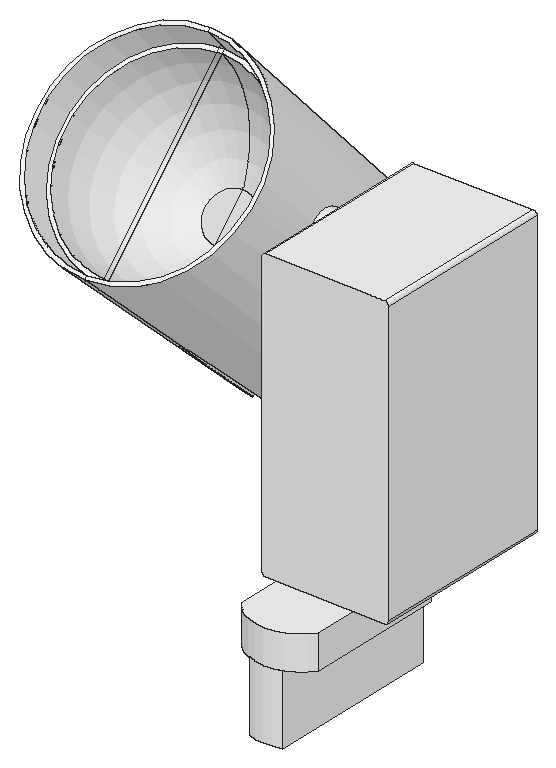
Revit family "0004823 Feilo Sylvania Lighting Fixture START TRACK SPOT S 14W 4K RA80 NB WHITE", category Lighting Fixtures, host Face, Revit 2017
Family settings
  Host = Face
  Round Connector Dimension = Use Diameter
  Part Type = Normal
  OmniClass Number = 23.80.70.00
  OmniClass Title = Lighting
  Cut with Voids When Loaded = No
  Light Source = No
  Shared = No
  Room Calculation Point = No
Parameters (values of type "0004823 START TRACK SPOT S 14W 4K RA80 NB WHITE")
  Weight = "0.94 kg"
  Wattage Comments = ""
  WarrantyStartDate [instance] = "n/a"
  WarrantyGuarantorParts = "n/a"
  WarrantyDurationUnit = "n/a"
  WarrantyDurationParts = "n/a"
  WarrantyDescription = "n/a"
  Voltage = 230 V
  URL = "http://www.sylvania-lighting.com"
  TypeName = "START TRACK SPOT S 14W 4K RA80 NB WHITE"
  TypeHead_FEILO = Start Track Spot Head : 0004823 START TRACK SPOT S 14W 4K RA80 NB WHITE
  TypeBox_FEILO = Start Track Spot Box : Type Small White
  Type Image = <None>
  Type Comments = "n/a"
  VerticalRotation_FEILO [instance] = 0.00°
  SlideEndAngle_FEILO [instance] = VerticalRotation_FEILO + 180.00°  # 180.00°
  SerialNumber [instance] = "n/a"
  Material_3_FEILO = none
  PowerFactor = 0.92
  PowerConsumption = "14 W"
  NominalLength = 0 mm
  NominalHeight = 200 mm
  NominalDepth = 140 mm
  Name = "START TRACK SPOT S 14W 4K RA80 NB WHITE"
  ModelReference = Name  # "START TRACK SPOT S 14W 4K RA80 NB WHITE"
  ModelNumber = "0004823"
  Model = Name  # "START TRACK SPOT S 14W 4K RA80 NB WHITE"
  Material = "adc12 aluminium housing, polycarbonate diffuser"
  ManufacturerName = "Feilo Sylvania"
  Manufacturer = "Feilo Sylvania"
  LuminousEfficacy = "115 lm/W"
  LuminaireType = ""
  LightOutputRatio = "100"
  LampsType = Lamp  # "LED"
  LampNominalLuminous = "1608 lm"
  LampMacAdamStep = "3"
  LampColourTemperature = "4000 K"
  LampColourRenderingIndex = "80"
  Lamp = "LED"
  Keynote = "16500"
  InstallationDate [instance] = "n/a"
  InputVoltage = "230-240V~"
  InputNominalFrequency = "50/60 Hz"
  IngressProtection = "IP20"
  ImpactProtectionIndex = "IK02"
  IfcExportType = "IfcLightFixtureType"
  IfcExportAs = "IfcLightFixtureType"
  HorizontalRotation_FEILO [instance] = 45.00°
  ExpectedLife = 50000
  ElectricShockClassification = "Class II"
  DurationUnit = "hours"
  DocumentationLiterature = "http://www.sylvania-lighting.com/product/en-int/products/0004823"
  DimmingControlOptions = "Non dimmable"
  Material_2_FEILO = none
  Description = "Integrated LED spotlight, Textured White - RAL9016, compact and minimalist design, ideal for retail applications, die-cast aluminium body, passive cooling heatsink. Beam angle: 12°, color temperature: 4000K , total system power: 14W, total fixture output: 1608 lm, LOR: 100%, colour rendering: Ra: 80 typical, LED Chromaticity: 3 step MacAdam ellipse, lifetime: >50000 hours at L70B50, energy class: A++, A+, A, IR/UV free light source without heat radiation, operating voltage: 220-240V / 50-60Hz, drive current: 350mA, electronic driver, non-dimmable, power factor: 0.92, electrical protection: Class II, Global Track 3 Phase adapter suitable for Global trac 3-circuit tracks, ingress protection rating: IP20, suitable for internal environment only, horizontal rotation: 355°, vertical tilt: 90°, dimensions: Ø86x140x200, weight: 0.940kg."
  Default Elevation = 1219.2 mm
  CreatedOn = "12/12/2017"
  CreatedBy = ""
  Cost = 0
  built-in parameter 1114216 [instance] = (empty or 0)
  ClassificationValue = "EF_70_80"
  ClassificationName = "Uniclass2015"
  Material_1_FEILO = Body-Sylvania-StartTrackSpot-White
  BarCode [instance] = "n/a"
  AssetType = "Fixed"
  AssetIdentifier [instance] = "n/a"
  Assembly Code = "D5020200"
  Apparent Load = 14 VA
  Material_4_FEILO = none
Reference planes
  plane 1 "Center (Front/Back)": y = 0
  plane 2: z = 0
  plane 3 "Center (Left/Right)": x = 0
  plane 4: x = 15
  plane 5: x = -15
  plane 6: y = 35
  plane 7: y = -35
  plane 8: z = 13
  plane 9: z = -27
  plane 10: x = 6.5
  plane 11: x = -6.5
  plane 12: y = 27
  plane 13: y = -27
  plane 14: y = 20
Forms (mm)
  Extrusion 1, solid, material "Body-Sylvania-StartTrackSpot-White" <- "Material_1_FEILO"
    sketch origin (0, 0, 0) x (1, 0, 0) y (0, 1, 0)
      loop
        line (-15, 27) -> (-15, -27)
        arc (-15, -27) -> (0, -35) -> (15, -27) r 18.062
        line (15, -27) -> (15, 27)
        arc (15, 27) -> (0, 35) -> (-15, 27) r 18.062
    from 0 to 13
  Extrusion 2, solid, material "Body-Sylvania-StartTrackSpot-White" <- "Material_1_FEILO"
    sketch origin (0, 0, 0) x (1, 0, 0) y (0, 1, 0)
      loop
        arc (6.5, 33.79) -> (0, 35) -> (-6.5, 33.79) r 18.062
        line (-6.5, 33.79) -> (-6.5, -33.79)
        arc (-6.5, -33.79) -> (0, -35) -> (6.5, -33.79) r 18.062
        line (6.5, -33.79) -> (6.5, 33.79)
    from 0 to -27
  Revolve 3, solid, not visible
    sketch origin (1524, 20, 1219.2) x (1, 0, 0) y (0, 0, 1)
      loop
        line (-1524, -1206.2) -> (-1524, -1191.285) -> (-1530.5, -1191.285) -> (-1530.5, -1206.2) -> (-1524, -1206.2)
      axis (-1524, -1191.285) -> (-1524, -1206.2)
    angle from 0 <- "VerticalRotation_FEILO" to 180 <- "SlideEndAngle_FEILO"
Cuts and joins
  joined: Extrusion 1, Extrusion 2
Dimensions and locks
  equal spacing: plane 10, plane 3 "Center (Left/Right)", plane 11
  equal spacing: plane 4, plane 3 "Center (Left/Right)", plane 5
  locked: plane 8 to plane 2 at 13
  locked: plane 8 to plane 9 at 40
  equal spacing: plane 13, plane 1 "Center (Front/Back)", plane 12
  locked: plane 12 to plane 6 at 8
  locked: plane 14 to plane 6 at 15
  locked: Revolve 3 sketch curve to plane 8 at 14.915
  aligned and locked: plane 2 to host face
  aligned and locked: level to host face
  aligned and locked: plane 5 to Extrusion 1 sketch curve  (x2)
  aligned and locked: plane 12 to Extrusion 1 sketch curve
  aligned and locked: plane 13 to Extrusion 1 sketch curve
  aligned and locked: plane 4 to Extrusion 1 sketch curve
  aligned and locked: Extrusion 1 to plane 8
  aligned and locked: Extrusion 1 to level
  aligned and locked: Extrusion 2 sketch curve to Extrusion 1  (x2)
  aligned and locked: Extrusion 2 sketch curve to plane 11
  aligned and locked: plane 10 to Extrusion 2 sketch curve
  aligned and locked: plane 9 to Extrusion 2
  aligned and locked: level to Extrusion 2
  aligned and locked: Revolve 3 sketch curve to plane 3 "Center (Left/Right)"  (x2)
  aligned and locked: plane 11 to Revolve 3 sketch curve
  aligned and locked: Revolve 3 sketch curve to plane 8
Automatic sketch dimensions
  host sketch curve to host sketch curve = 2438.4 mm  (x2)
  Extrusion 1 sketch curve to plane 3 "Center (Left/Right)" = 0 mm  (x2)
  Extrusion 1 sketch curve to plane 13 = 10.062 mm
  plane 12 to Extrusion 1 sketch curve = 10.062 mm
  Revolve 3 sketch curve to plane 3 "Center (Left/Right)" = 0 mm
  plane 9 to Revolve 3 sketch curve = 582.6 mm
  Revolve 3 sketch curve to Revolve 3 sketch curve = 2581.144 mm
Nested families
  nested 1: "Start Track Spot Head" at (-62, 20, 112.529) x (0, 0.7071, 0.7071) z (0, 0.7071, -0.7071), type <- "TypeHead_FEILO", type "0004823 START TRACK SPOT S 14W 4K RA80 NB WHITE"
    with built-in parameter 1114216 (empty or 0)
  nested 2: "Start Track Spot Box" at (8.5, 20, 73) x (-1, 0, 0) z (0, -1, 0), BoxStartAngle_FEILO <- "HorizontalRotation_FEILO", type <- "TypeBox_FEILO", type "Type Small White"
    with BoxStartAngle_FEILO 45.00°, BoxEndAngle_FEILO -135.00°
Connectors
  electrical at (0, 0, 0), driven by "Apparent Load", driven by "PowerFactor", driven by "Voltage"
    settings: index 1, voltage 230 V, apparent load 14 VA, apparent load phase1 0 VA, apparent load phase2 0 VA, apparent load phase3 0 VA, power factor 0.92, load classification "Lighting", number of poles 1, system type 30, power factor state 1, is connector primary yes, connector utility no, sub classification motor no, connector description ""
Definition of nested family "Start Track Spot Head"
  Parameters (values of type "0004811 START TRACK SPOT S 14W 3K RA80 NB WHITE")
    Wattage Comments = "n/a"
    Wattage = 14 W
    built-in parameter 1150110 = 1 (stored number, unit not read)
    URL = "http://www.feilosylvania.com"
    Type Image = (empty or 0)
    Type Comments = "n/a"
    built-in parameter 1114217 = 1 (stored number, unit not read)
    Tilt Angle = -90.00°
    built-in parameter 1150109 = 1 (stored number, unit not read)
    built-in parameter 1150134 = (empty or 0)
    built-in parameter 1150113 = 1 (stored number, unit not read)
    Photometric Web File = "0004811.ies"
    Material_3_FEILO = none
    Model = "START TRACK SPOT S 14W 3K RA80 NB WHITE"
    Manufacturer = "Feilo Sylvania"
    built-in parameter 1150105 = 123.66 (stored number, unit not read)
    Lumens = 1554 lm
    built-in parameter 1150115 = 1 (stored number, unit not read)
    built-in parameter 1150137 = (empty or 0)
    built-in parameter 1150139 = (empty or 0)
    built-in parameter 1150112 = 1 (stored number, unit not read)
    built-in parameter 1150114 = 1 (stored number, unit not read)
    Lamp = "LED"
    Keynote = "16500"
    Material_2_FEILO = none
    built-in parameter 1150132 = (empty or 0)
    built-in parameter 1150102 = (empty or 0)
    built-in parameter 1150107 = 3000 (stored number, unit not read)
    built-in parameter 1150138 = (empty or 0)
    built-in parameter 1150106 = 1.2366 (stored number, unit not read)
    HeadThickness_FEILO = if(HeadDiaOut_FEILO > 112 mm, 2 mm, 1.5 mm)  # 1.5 mm
    HeadRibOffset_FEILO = HeadHeight_FEILO / 28  # 4.179 mm
    HeadRibDepth_FEILO = HeadHeight_FEILO / 2.1  # 55.714 mm
    HeadRibCutWidth_FEILO = HeadDiaOut_FEILO / 12  # 7.167 mm
    HeadRibCutOffset_FEILO = HeadHeight_FEILO / 2.3  # 50.87 mm
    HeadReflectorRadius_FEILO = HeadDiaOut_FEILO / 1.7  # 50.588 mm
    HeadReflectorOffset_FEILO = HeadHeight_FEILO / 2.1  # 55.714 mm
    HeadLEDRadius_FEILO = HeadDiaOut_FEILO / 9  # 9.556 mm
    HeadHeight_FEILO = 117 mm
    HeadDraft_FEILO = 1 mm
    HeadDiffusorThickness_FEILO = 3 mm
    HeadDiffusorOffset_FEILO = HeadHeight_FEILO / 12.4  # 9.435 mm
    HeadDiaOut_FEILO = 86 mm
    HeadDiaIn_FEILO = HeadDiaOut_FEILO / 1.11  # 77.477 mm
    HeadAxisFromTop_FEILO = HeadHeight_FEILO / 1.687  # 69.354 mm
    Emit from Circle Diameter = HeadDiaIn_FEILO  # 77.477 mm
    Emit Shape Visible in Rendering = no
    built-in parameter 1150104 = 10.312 (stored number, unit not read)
    Dimming Lamp Color Temperature Shift = (empty or 0)
    Description = "Integrated LED spotlight, Textured White - RAL9016, compact and minimalist design, ideal for retail applications, die-cast aluminium body, passive cooling heatsink. Beam angle: 12°, color temperature: 3000K , total system power: 14W, total fixture output: 1551 lm, LOR: 100%, colour rendering: Ra: 80 typical, LED Chromaticity: 3 step MacAdam ellipse, lifetime: >50000 hours at L70B50, energy class: A++, A+, A, IR/UV free light source without heat radiation, operating voltage: 220-240V / 50-60Hz, drive current: 350mA, electronic driver, non-dimmable, power factor: 0.92, electrical protection: Class II, Global Track 3 Phase adapter suitable for Global trac 3-circuit tracks, ingress protection rating: IP20, suitable for internal environment only, horizontal rotation: 355°, vertical tilt: 90°, dimensions: Ø86x140x200, weight: 0.940kg."
    Default Elevation = 1219.2 mm
    Cost = 0
    Color Filter = 16777215
    built-in parameter 1114216 [instance] = (empty or 0)
    Material_1_FEILO = none
    built-in parameter 1114218 = 1 (stored number, unit not read)
    built-in parameter 1150133 = 10 (stored number, unit not read)
    Assembly Code = "D5020200"
    Apparent Load = 14 VA
    Material_4_FEILO = none
  Types (96, lengths in mm): name | Wattage | built-in parameter 1150134 | Photometric Web File | Model | built-in parameter 1150105 | Lumens | built-in parameter 1150107 | built-in parameter 1150106 | HeadThickness_FEILO | HeadRibOffset_FEILO | HeadRibDepth_FEILO | HeadRibCutWidth_FEILO | HeadRibCutOffset_FEILO | HeadReflectorRadius_FEILO | HeadReflectorOffset_FEILO | HeadLEDRadius_FEILO | HeadHeight_FEILO | HeadDiffusorOffset_FEILO | HeadDiaOut_FEILO | HeadDiaIn_FEILO | HeadAxisFromTop_FEILO | Emit from Circle Diameter | built-in parameter 1150104 | Description | Apparent Load
    0004906 START TRACK SPOT L 55W 4K RA90 WB BLACK | 55 W | 12 | "0004906.ies" | "START TRACK SPOT L 55W 4K RA90 WB BLACK" | 385.15 (stored number, unit not read) | 4840 lm | 4000 (stored number, unit not read) | 3.8515 (stored number, unit not read) | 2 | 4.429 | 59.048 | 9.417 | 53.913 | 66.471 | 59.048 | 12.556 | 124 | 10 | 113 | 101.802 | 73.503 | 101.802 | 8.1755 (stored number, unit not read) | "Integrated LED spotlight, Textured Black - RAL9005, compact and minimalist design, ideal for retail applications, die-cast aluminium body, passive cooling heatsink. Beam angle: 52°, color temperature: 4000K , total system power: 55W, total fixture output: 4824 lm, LOR: 100%, colour rendering: Ra: 90 typical, LED Chromaticity: 3 step MacAdam ellipse, lifetime: >50000 hours at L70B50, energy class: A++, A+, A, IR/UV free light source without heat radiation, operating voltage: 220-240V / 50-60Hz, drive current: 1400mA, electronic driver, non-dimmable, power factor: 0.96, electrical protection: Class II, Global Track 3 Phase adapter suitable for Global trac 3-circuit tracks, ingress protection rating: IP20, suitable for internal environment only, horizontal rotation: 355°, vertical tilt: 90°, dimensions: Ø113x164x240, weight: 1.398kg." | 55 VA
    0004905 START TRACK SPOT L 55W 4K RA90 MB BLACK | 55 W | 12 | "0004905.ies" | "START TRACK SPOT L 55W 4K RA90 MB BLACK" | 389.53 (stored number, unit not read) | 4895 lm | 4000 (stored number, unit not read) | 3.8953 (stored number, unit not read) | 2 | 4.429 | 59.048 | 9.417 | 53.913 | 66.471 | 59.048 | 12.556 | 124 | 10 | 113 | 101.802 | 73.503 | 101.802 | 8.2684 (stored number, unit not read) | "Integrated LED spotlight, Textured Black - RAL9005, compact and minimalist design, ideal for retail applications, die-cast aluminium body, passive cooling heatsink. Beam angle: 38°, color temperature: 4000K , total system power: 55W, total fixture output: 4897 lm, LOR: 100%, colour rendering: Ra: 90 typical, LED Chromaticity: 3 step MacAdam ellipse, lifetime: >50000 hours at L70B50, energy class: A++, A+, A, IR/UV free light source without heat radiation, operating voltage: 220-240V / 50-60Hz, drive current: 1400mA, electronic driver, non-dimmable, power factor: 0.96, electrical protection: Class II, Global Track 3 Phase adapter suitable for Global trac 3-circuit tracks, ingress protection rating: IP20, suitable for internal environment only, horizontal rotation: 355°, vertical tilt: 90°, dimensions: Ø113x164x240, weight: 1.398kg." | 55 VA
    0004904 START TRACK SPOT L 55W 4K RA90 NB BLACK | 55 W | 12 | "0004904.ies" | "START TRACK SPOT L 55W 4K RA90 NB BLACK" | 393.91 (stored number, unit not read) | 4950 lm | 4000 (stored number, unit not read) | 3.9391 (stored number, unit not read) | 2 | 4.429 | 59.048 | 9.417 | 53.913 | 66.471 | 59.048 | 12.556 | 124 | 10 | 113 | 101.802 | 73.503 | 101.802 | 8.3613 (stored number, unit not read) | "Integrated LED spotlight, Textured Black - RAL9005, compact and minimalist design, ideal for retail applications, die-cast aluminium body, passive cooling heatsink. Beam angle: 15°, color temperature: 4000K , total system power: 55W, total fixture output: 4965 lm, LOR: 100%, colour rendering: Ra: 90 typical, LED Chromaticity: 3 step MacAdam ellipse, lifetime: >50000 hours at L70B50, energy class: A++, A+, A, IR/UV free light source without heat radiation, operating voltage: 220-240V / 50-60Hz, drive current: 1400mA, electronic driver, non-dimmable, power factor: 0.96, electrical protection: Class II, Global Track 3 Phase adapter suitable for Global trac 3-circuit tracks, ingress protection rating: IP20, suitable for internal environment only, horizontal rotation: 355°, vertical tilt: 90°, dimensions: Ø113x164x240, weight: 1.398kg." | 55 VA
    0004903 START TRACK SPOT L 35W 4K RA90 WB BLACK | 35 W | 12 | "0004903.ies" | "START TRACK SPOT L 35W 4K RA90 WB BLACK" | 284.09 (stored number, unit not read) | 3570 lm | 4000 (stored number, unit not read) | 2.8409 (stored number, unit not read) | 2 | 4.429 | 59.048 | 9.417 | 53.913 | 66.471 | 59.048 | 12.556 | 124 | 10 | 113 | 101.802 | 73.503 | 101.802 | 9.4761 (stored number, unit not read) | "Integrated LED spotlight, Textured Black - RAL9005, compact and minimalist design, ideal for retail applications, die-cast aluminium body, passive cooling heatsink. Beam angle: 52°, color temperature: 4000K , total system power: 35W, total fixture output: 3562 lm, LOR: 100%, colour rendering: Ra: 90 typical, LED Chromaticity: 3 step MacAdam ellipse, lifetime: >50000 hours at L70B50, energy class: A++, A+, A, IR/UV free light source without heat radiation, operating voltage: 220-240V / 50-60Hz, drive current: 900mA, electronic driver, non-dimmable, power factor: 0.93, electrical protection: Class II, Global Track 3 Phase adapter suitable for Global trac 3-circuit tracks, ingress protection rating: IP20, suitable for internal environment only, horizontal rotation: 355°, vertical tilt: 90°, dimensions: Ø113x164x240, weight: 1.368kg." | 35 VA
    0004902 START TRACK SPOT L 35W 4K RA90 MB BLACK | 35 W | 12 | "0004902.ies" | "START TRACK SPOT L 35W 4K RA90 MB BLACK" | 286.88 (stored number, unit not read) | 3605 lm | 4000 (stored number, unit not read) | 2.8688 (stored number, unit not read) | 2 | 4.429 | 59.048 | 9.417 | 53.913 | 66.471 | 59.048 | 12.556 | 124 | 10 | 113 | 101.802 | 73.503 | 101.802 | 9.569 (stored number, unit not read) | "Integrated LED spotlight, Textured Black - RAL9005, compact and minimalist design, ideal for retail applications, die-cast aluminium body, passive cooling heatsink. Beam angle: 38°, color temperature: 4000K , total system power: 35W, total fixture output: 3616 lm, LOR: 100%, colour rendering: Ra: 90 typical, LED Chromaticity: 3 step MacAdam ellipse, lifetime: >50000 hours at L70B50, energy class: A++, A+, A, IR/UV free light source without heat radiation, operating voltage: 220-240V / 50-60Hz, drive current: 900mA, electronic driver, non-dimmable, power factor: 0.93, electrical protection: Class II, Global Track 3 Phase adapter suitable for Global trac 3-circuit tracks, ingress protection rating: IP20, suitable for internal environment only, horizontal rotation: 355°, vertical tilt: 90°, dimensions: Ø113x164x240, weight: 1.368kg." | 35 VA
    0004901 START TRACK SPOT L 35W 4K RA90 NB BLACK | 35 W | 12 | "0004901.ies" | "START TRACK SPOT L 35W 4K RA90 NB BLACK" | 286.88 (stored number, unit not read) | 3605 lm | 4000 (stored number, unit not read) | 2.8688 (stored number, unit not read) | 2 | 4.429 | 59.048 | 9.417 | 53.913 | 66.471 | 59.048 | 12.556 | 124 | 10 | 113 | 101.802 | 73.503 | 101.802 | 9.569 (stored number, unit not read) | "Integrated LED spotlight, Textured Black - RAL9005, compact and minimalist design, ideal for retail applications, die-cast aluminium body, passive cooling heatsink. Beam angle: 15°, color temperature: 4000K , total system power: 35W, total fixture output: 3593 lm, LOR: 100%, colour rendering: Ra: 90 typical, LED Chromaticity: 3 step MacAdam ellipse, lifetime: >50000 hours at L70B50, energy class: A++, A+, A, IR/UV free light source without heat radiation, operating voltage: 220-240V / 50-60Hz, drive current: 900mA, electronic driver, non-dimmable, power factor: 0.93, electrical protection: Class II, Global Track 3 Phase adapter suitable for Global trac 3-circuit tracks, ingress protection rating: IP20, suitable for internal environment only, horizontal rotation: 355°, vertical tilt: 90°, dimensions: Ø113x164x240, weight: 1.368kg." | 35 VA
    0004900 START TRACK SPOT S 24W 4K RA90 WB BLACK | 24 W | 12 | "0004900.ies" | "START TRACK SPOT S 24W 4K RA90 WB BLACK" | 166.16 (stored number, unit not read) | 2088 lm | 4000 (stored number, unit not read) | 1.6616 (stored number, unit not read) | 1.5 | 4.179 | 55.714 | 7.167 | 50.87 | 50.588 | 55.714 | 9.556 | 117 | 9.435 | 86 | 77.477 | 69.354 | 77.477 | 8.0826 (stored number, unit not read) | "Integrated LED spotlight, Textured Black - RAL9005, compact and minimalist design, ideal for retail applications, die-cast aluminium body, passive cooling heatsink. Beam angle: 64°, color temperature: 4000K , total system power: 24W, total fixture output: 2087 lm, LOR: 100%, colour rendering: Ra: 90 typical, LED Chromaticity: 3 step MacAdam ellipse, lifetime: >50000 hours at L70B50, energy class: A++, A+, A, IR/UV free light source without heat radiation, operating voltage: 220-240V / 50-60Hz, drive current: 600mA, electronic driver, non-dimmable, power factor: 0.95, electrical protection: Class II, Global Track 3 Phase adapter suitable for Global trac 3-circuit tracks, ingress protection rating: IP20, suitable for internal environment only, horizontal rotation: 355°, vertical tilt: 90°, dimensions: Ø86x140x200, weight: 0.966kg." | 24 VA
    0004899 START TRACK SPOT S 24W 4K RA90 MB BLACK | 24 W | 12 | "0004899.ies" | "START TRACK SPOT S 24W 4K RA90 MB BLACK" | 169.98 (stored number, unit not read) | 2136 lm | 4000 (stored number, unit not read) | 1.6998 (stored number, unit not read) | 1.5 | 4.179 | 55.714 | 7.167 | 50.87 | 50.588 | 55.714 | 9.556 | 117 | 9.435 | 86 | 77.477 | 69.354 | 77.477 | 8.2684 (stored number, unit not read) | "Integrated LED spotlight, Textured Black - RAL9005, compact and minimalist design, ideal for retail applications, die-cast aluminium body, passive cooling heatsink. Beam angle: 36°, color temperature: 4000K , total system power: 24W, total fixture output: 2141 lm, LOR: 100%, colour rendering: Ra: 90 typical, LED Chromaticity: 3 step MacAdam ellipse, lifetime: >50000 hours at L70B50, energy class: A++, A+, A, IR/UV free light source without heat radiation, operating voltage: 220-240V / 50-60Hz, drive current: 600mA, electronic driver, non-dimmable, power factor: 0.95, electrical protection: Class II, Global Track 3 Phase adapter suitable for Global trac 3-circuit tracks, ingress protection rating: IP20, suitable for internal environment only, horizontal rotation: 355°, vertical tilt: 90°, dimensions: Ø86x140x200, weight: 0.966kg." | 24 VA
    0004898 START TRACK SPOT S 24W 4K RA90 NB BLACK | 24 W | 12 | "0004898.ies" | "START TRACK SPOT S 24W 4K RA90 NB BLACK" | 171.89 (stored number, unit not read) | 2160 lm | 4000 (stored number, unit not read) | 1.7189 (stored number, unit not read) | 1.5 | 4.179 | 55.714 | 7.167 | 50.87 | 50.588 | 55.714 | 9.556 | 117 | 9.435 | 86 | 77.477 | 69.354 | 77.477 | 8.3613 (stored number, unit not read) | "Integrated LED spotlight, Textured Black - RAL9005, compact and minimalist design, ideal for retail applications, die-cast aluminium body, passive cooling heatsink. Beam angle: 12°, color temperature: 4000K , total system power: 24W, total fixture output: 2155 lm, LOR: 100%, colour rendering: Ra: 90 typical, LED Chromaticity: 3 step MacAdam ellipse, lifetime: >50000 hours at L70B50, energy class: A++, A+, A, IR/UV free light source without heat radiation, operating voltage: 220-240V / 50-60Hz, drive current: 600mA, electronic driver, non-dimmable, power factor: 0.95, electrical protection: Class II, Global Track 3 Phase adapter suitable for Global trac 3-circuit tracks, ingress protection rating: IP20, suitable for internal environment only, horizontal rotation: 355°, vertical tilt: 90°, dimensions: Ø86x140x200, weight: 0.966kg." | 24 VA
    0004897 START TRACK SPOT S 14W 4K RA90 WB BLACK | 14 W | 12 | "0004897.ies" | "START TRACK SPOT S 14W 4K RA90 WB BLACK" | 108.07 (stored number, unit not read) | 1358 lm | 4000 (stored number, unit not read) | 1.0807 (stored number, unit not read) | 1.5 | 4.179 | 55.714 | 7.167 | 50.87 | 50.588 | 55.714 | 9.556 | 117 | 9.435 | 86 | 77.477 | 69.354 | 77.477 | 9.0116 (stored number, unit not read) | "Integrated LED spotlight, Textured Black - RAL9005, compact and minimalist design, ideal for retail applications, die-cast aluminium body, passive cooling heatsink. Beam angle: 64°, color temperature: 4000K , total system power: 14W, total fixture output: 1352 lm, LOR: 100%, colour rendering: Ra: 90 typical, LED Chromaticity: 3 step MacAdam ellipse, lifetime: >50000 hours at L70B50, energy class: A++, A+, A, IR/UV free light source without heat radiation, operating voltage: 220-240V / 50-60Hz, drive current: 350mA, electronic driver, non-dimmable, power factor: 0.92, electrical protection: Class II, Global Track 3 Phase adapter suitable for Global trac 3-circuit tracks, ingress protection rating: IP20, suitable for internal environment only, horizontal rotation: 355°, vertical tilt: 90°, dimensions: Ø86x140x200, weight: 0.940kg." | 14 VA
    0004896 START TRACK SPOT S 14W 4K RA90 MB BLACK | 14 W | 12 | "0004896.ies" | "START TRACK SPOT S 14W 4K RA90 MB BLACK" | 108.07 (stored number, unit not read) | 1358 lm | 4000 (stored number, unit not read) | 1.0807 (stored number, unit not read) | 1.5 | 4.179 | 55.714 | 7.167 | 50.87 | 50.588 | 55.714 | 9.556 | 117 | 9.435 | 86 | 77.477 | 69.354 | 77.477 | 9.0116 (stored number, unit not read) | "Integrated LED spotlight, Textured Black - RAL9005, compact and minimalist design, ideal for retail applications, die-cast aluminium body, passive cooling heatsink. Beam angle: 36°, color temperature: 4000K , total system power: 14W, total fixture output: 1359 lm, LOR: 100%, colour rendering: Ra: 90 typical, LED Chromaticity: 3 step MacAdam ellipse, lifetime: >50000 hours at L70B50, energy class: A++, A+, A, IR/UV free light source without heat radiation, operating voltage: 220-240V / 50-60Hz, drive current: 350mA, electronic driver, non-dimmable, power factor: 0.92, electrical protection: Class II, Global Track 3 Phase adapter suitable for Global trac 3-circuit tracks, ingress protection rating: IP20, suitable for internal environment only, horizontal rotation: 355°, vertical tilt: 90°, dimensions: Ø86x140x200, weight: 0.940kg." | 14 VA
    0004895 START TRACK SPOT S 14W 4K RA90 NB BLACK | 14 W | 12 | "0004895.ies" | "START TRACK SPOT S 14W 4K RA90 NB BLACK" | 106.95 (stored number, unit not read) | 1344 lm | 4000 (stored number, unit not read) | 1.0695 (stored number, unit not read) | 1.5 | 4.179 | 55.714 | 7.167 | 50.87 | 50.588 | 55.714 | 9.556 | 117 | 9.435 | 86 | 77.477 | 69.354 | 77.477 | 8.9187 (stored number, unit not read) | "Integrated LED spotlight, Textured Black - RAL9005, compact and minimalist design, ideal for retail applications, die-cast aluminium body, passive cooling heatsink. Beam angle: 12°, color temperature: 4000K , total system power: 14W, total fixture output: 1349 lm, LOR: 100%, colour rendering: Ra: 90 typical, LED Chromaticity: 3 step MacAdam ellipse, lifetime: >50000 hours at L70B50, energy class: A++, A+, A, IR/UV free light source without heat radiation, operating voltage: 220-240V / 50-60Hz, drive current: 350mA, electronic driver, non-dimmable, power factor: 0.92, electrical protection: Class II, Global Track 3 Phase adapter suitable for Global trac 3-circuit tracks, ingress protection rating: IP20, suitable for internal environment only, horizontal rotation: 355°, vertical tilt: 90°, dimensions: Ø86x140x200, weight: 0.940kg." | 14 VA
    0004894 START TRACK SPOT L 55W 3K RA90 WB BLACK | 55 W | (empty or 0) | "0004894.ies" | "START TRACK SPOT L 55W 3K RA90 WB BLACK" | 350.14 (stored number, unit not read) | 4400 lm | 3000 (stored number, unit not read) | 3.5014 (stored number, unit not read) | 2 | 4.429 | 59.048 | 9.417 | 53.913 | 66.471 | 59.048 | 12.556 | 124 | 10 | 113 | 101.802 | 73.503 | 101.802 | 7.4322 (stored number, unit not read) | "Integrated LED spotlight, Textured Black - RAL9005, compact and minimalist design, ideal for retail applications, die-cast aluminium body, passive cooling heatsink. Beam angle: 52°, color temperature: 3000K , total system power: 55W, total fixture output: 4405 lm, LOR: 100%, colour rendering: Ra: 90 typical, LED Chromaticity: 3 step MacAdam ellipse, lifetime: >50000 hours at L70B50, energy class: A++, A+, A, IR/UV free light source without heat radiation, operating voltage: 220-240V / 50-60Hz, drive current: 1400mA, electronic driver, non-dimmable, power factor: 0.96, electrical protection: Class II, Global Track 3 Phase adapter suitable for Global trac 3-circuit tracks, ingress protection rating: IP20, suitable for internal environment only, horizontal rotation: 355°, vertical tilt: 90°, dimensions: Ø113x164x240, weight: 1.398kg." | 55 VA
    0004893 START TRACK SPOT L 55W 3K RA90 MB BLACK | 55 W | (empty or 0) | "0004893.ies" | "START TRACK SPOT L 55W 3K RA90 MB BLACK" | 354.52 (stored number, unit not read) | 4455 lm | 3000 (stored number, unit not read) | 3.5452 (stored number, unit not read) | 2 | 4.429 | 59.048 | 9.417 | 53.913 | 66.471 | 59.048 | 12.556 | 124 | 10 | 113 | 101.802 | 73.503 | 101.802 | 7.5251 (stored number, unit not read) | "Integrated LED spotlight, Textured Black - RAL9005, compact and minimalist design, ideal for retail applications, die-cast aluminium body, passive cooling heatsink. Beam angle: 38°, color temperature: 3000K , total system power: 55W, total fixture output: 4448 lm, LOR: 100%, colour rendering: Ra: 90 typical, LED Chromaticity: 3 step MacAdam ellipse, lifetime: >50000 hours at L70B50, energy class: A++, A+, A, IR/UV free light source without heat radiation, operating voltage: 220-240V / 50-60Hz, drive current: 1400mA, electronic driver, non-dimmable, power factor: 0.96, electrical protection: Class II, Global Track 3 Phase adapter suitable for Global trac 3-circuit tracks, ingress protection rating: IP20, suitable for internal environment only, horizontal rotation: 355°, vertical tilt: 90°, dimensions: Ø113x164x240, weight: 1.398kg." | 55 VA
    0004892 START TRACK SPOT L 55W 3K RA90 NB BLACK | 55 W | (empty or 0) | "0004892.ies" | "START TRACK SPOT L 55W 3K RA90 NB BLACK" | 350.14 (stored number, unit not read) | 4400 lm | 3000 (stored number, unit not read) | 3.5014 (stored number, unit not read) | 2 | 4.429 | 59.048 | 9.417 | 53.913 | 66.471 | 59.048 | 12.556 | 124 | 10 | 113 | 101.802 | 73.503 | 101.802 | 7.4322 (stored number, unit not read) | "Integrated LED spotlight, Textured Black - RAL9005, compact and minimalist design, ideal for retail applications, die-cast aluminium body, passive cooling heatsink. Beam angle: 15°, color temperature: 3000K , total system power: 55W, total fixture output: 4416 lm, LOR: 100%, colour rendering: Ra: 90 typical, LED Chromaticity: 3 step MacAdam ellipse, lifetime: >50000 hours at L70B50, energy class: A++, A+, A, IR/UV free light source without heat radiation, operating voltage: 220-240V / 50-60Hz, drive current: 1400mA, electronic driver, non-dimmable, power factor: 0.96, electrical protection: Class II, Global Track 3 Phase adapter suitable for Global trac 3-circuit tracks, ingress protection rating: IP20, suitable for internal environment only, horizontal rotation: 355°, vertical tilt: 90°, dimensions: Ø113x164x240, weight: 1.398kg." | 55 VA
    0004891 START TRACK SPOT L 35W 3K RA90 WB BLACK | 35 W | (empty or 0) | "0004891.ies" | "START TRACK SPOT L 35W 3K RA90 WB BLACK" | 259.02 (stored number, unit not read) | 3255 lm | 3000 (stored number, unit not read) | 2.5902 (stored number, unit not read) | 2 | 4.429 | 59.048 | 9.417 | 53.913 | 66.471 | 59.048 | 12.556 | 124 | 10 | 113 | 101.802 | 73.503 | 101.802 | 8.64 (stored number, unit not read) | "Integrated LED spotlight, Textured Black - RAL9005, compact and minimalist design, ideal for retail applications, die-cast aluminium body, passive cooling heatsink. Beam angle: 52°, color temperature: 3000K , total system power: 35W, total fixture output: 3260 lm, LOR: 100%, colour rendering: Ra: 90 typical, LED Chromaticity: 3 step MacAdam ellipse, lifetime: >50000 hours at L70B50, energy class: A++, A+, A, IR/UV free light source without heat radiation, operating voltage: 220-240V / 50-60Hz, drive current: 900mA, electronic driver, non-dimmable, power factor: 0.93, electrical protection: Class II, Global Track 3 Phase adapter suitable for Global trac 3-circuit tracks, ingress protection rating: IP20, suitable for internal environment only, horizontal rotation: 355°, vertical tilt: 90°, dimensions: Ø113x164x240, weight: 1.368kg." | 35 VA
    0004890 START TRACK SPOT L 35W 3K RA90 MB BLACK | 35 W | (empty or 0) | "0004890.ies" | "START TRACK SPOT L 35W 3K RA90 MB BLACK" | 261.81 (stored number, unit not read) | 3290 lm | 3000 (stored number, unit not read) | 2.6181 (stored number, unit not read) | 2 | 4.429 | 59.048 | 9.417 | 53.913 | 66.471 | 59.048 | 12.556 | 124 | 10 | 113 | 101.802 | 73.503 | 101.802 | 8.7329 (stored number, unit not read) | "Integrated LED spotlight, Textured Black - RAL9005, compact and minimalist design, ideal for retail applications, die-cast aluminium body, passive cooling heatsink. Beam angle: 38°, color temperature: 3000K , total system power: 35W, total fixture output: 3306 lm, LOR: 100%, colour rendering: Ra: 90 typical, LED Chromaticity: 3 step MacAdam ellipse, lifetime: >50000 hours at L70B50, energy class: A++, A+, A, IR/UV free light source without heat radiation, operating voltage: 220-240V / 50-60Hz, drive current: 900mA, electronic driver, non-dimmable, power factor: 0.93, electrical protection: Class II, Global Track 3 Phase adapter suitable for Global trac 3-circuit tracks, ingress protection rating: IP20, suitable for internal environment only, horizontal rotation: 355°, vertical tilt: 90°, dimensions: Ø113x164x240, weight: 1.368kg." | 35 VA
    0004889 START TRACK SPOT L 35W 3K RA90 NB BLACK | 35 W | (empty or 0) | "0004889.ies" | "START TRACK SPOT L 35W 3K RA90 NB BLACK" | 261.81 (stored number, unit not read) | 3290 lm | 3000 (stored number, unit not read) | 2.6181 (stored number, unit not read) | 2 | 4.429 | 59.048 | 9.417 | 53.913 | 66.471 | 59.048 | 12.556 | 124 | 10 | 113 | 101.802 | 73.503 | 101.802 | 8.7329 (stored number, unit not read) | "Integrated LED spotlight, Textured Black - RAL9005, compact and minimalist design, ideal for retail applications, die-cast aluminium body, passive cooling heatsink. Beam angle: 15°, color temperature: 3000K , total system power: 35W, total fixture output: 3287 lm, LOR: 100%, colour rendering: Ra: 90 typical, LED Chromaticity: 3 step MacAdam ellipse, lifetime: >50000 hours at L70B50, energy class: A++, A+, A, IR/UV free light source without heat radiation, operating voltage: 220-240V / 50-60Hz, drive current: 900mA, electronic driver, non-dimmable, power factor: 0.93, electrical protection: Class II, Global Track 3 Phase adapter suitable for Global trac 3-circuit tracks, ingress protection rating: IP20, suitable for internal environment only, horizontal rotation: 355°, vertical tilt: 90°, dimensions: Ø113x164x240, weight: 1.368kg." | 35 VA
    0004888 START TRACK SPOT S 24W 3K RA90 WB BLACK | 24 W | (empty or 0) | "0004888.ies" | "START TRACK SPOT S 24W 3K RA90 WB BLACK" | 152.79 (stored number, unit not read) | 1920 lm | 3000 (stored number, unit not read) | 1.5279 (stored number, unit not read) | 1.5 | 4.179 | 55.714 | 7.167 | 50.87 | 50.588 | 55.714 | 9.556 | 117 | 9.435 | 86 | 77.477 | 69.354 | 77.477 | 7.4322 (stored number, unit not read) | "Integrated LED spotlight, Textured Black - RAL9005, compact and minimalist design, ideal for retail applications, die-cast aluminium body, passive cooling heatsink. Beam angle: 64°, color temperature: 3000K , total system power: 24W, total fixture output: 1928 lm, LOR: 100%, colour rendering: Ra: 90 typical, LED Chromaticity: 3 step MacAdam ellipse, lifetime: >50000 hours at L70B50, energy class: A++, A+, A, IR/UV free light source without heat radiation, operating voltage: 220-240V / 50-60Hz, drive current: 600mA, electronic driver, non-dimmable, power factor: 0.95, electrical protection: Class II, Global Track 3 Phase adapter suitable for Global trac 3-circuit tracks, ingress protection rating: IP20, suitable for internal environment only, horizontal rotation: 355°, vertical tilt: 90°, dimensions: Ø86x140x200, weight: 0.966kg." | 24 VA
    0004887 START TRACK SPOT S 24W 3K RA90 MB BLACK | 24 W | (empty or 0) | "0004887.ies" | "START TRACK SPOT S 24W 3K RA90 MB BLACK" | 154.7 (stored number, unit not read) | 1944 lm | 3000 (stored number, unit not read) | 1.547 (stored number, unit not read) | 1.5 | 4.179 | 55.714 | 7.167 | 50.87 | 50.588 | 55.714 | 9.556 | 117 | 9.435 | 86 | 77.477 | 69.354 | 77.477 | 7.5251 (stored number, unit not read) | "Integrated LED spotlight, Textured Black - RAL9005, compact and minimalist design, ideal for retail applications, die-cast aluminium body, passive cooling heatsink. Beam angle: 36°, color temperature: 3000K , total system power: 24W, total fixture output: 1944 lm, LOR: 100%, colour rendering: Ra: 90 typical, LED Chromaticity: 3 step MacAdam ellipse, lifetime: >50000 hours at L70B50, energy class: A++, A+, A, IR/UV free light source without heat radiation, operating voltage: 220-240V / 50-60Hz, drive current: 600mA, electronic driver, non-dimmable, power factor: 0.95, electrical protection: Class II, Global Track 3 Phase adapter suitable for Global trac 3-circuit tracks, ingress protection rating: IP20, suitable for internal environment only, horizontal rotation: 355°, vertical tilt: 90°, dimensions: Ø86x140x200, weight: 0.966kg." | 24 VA
    0004886 START TRACK SPOT S 24W 3K RA90 NB BLACK | 24 W | (empty or 0) | "0004886.ies" | "START TRACK SPOT S 24W 3K RA90 NB BLACK" | 158.52 (stored number, unit not read) | 1992 lm | 3000 (stored number, unit not read) | 1.5852 (stored number, unit not read) | 1.5 | 4.179 | 55.714 | 7.167 | 50.87 | 50.588 | 55.714 | 9.556 | 117 | 9.435 | 86 | 77.477 | 69.354 | 77.477 | 7.711 (stored number, unit not read) | "Integrated LED spotlight, Textured Black - RAL9005, compact and minimalist design, ideal for retail applications, die-cast aluminium body, passive cooling heatsink. Beam angle: 12°, color temperature: 3000K , total system power: 24W, total fixture output: 1987 lm, LOR: 100%, colour rendering: Ra: 90 typical, LED Chromaticity: 3 step MacAdam ellipse, lifetime: >50000 hours at L70B50, energy class: A++, A+, A, IR/UV free light source without heat radiation, operating voltage: 220-240V / 50-60Hz, drive current: 600mA, electronic driver, non-dimmable, power factor: 0.95, electrical protection: Class II, Global Track 3 Phase adapter suitable for Global trac 3-circuit tracks, ingress protection rating: IP20, suitable for internal environment only, horizontal rotation: 355°, vertical tilt: 90°, dimensions: Ø86x140x200, weight: 0.966kg." | 24 VA
    0004885 START TRACK SPOT S 14W 3K RA90 WB BLACK | 14 W | (empty or 0) | "0004885.ies" | "START TRACK SPOT S 14W 3K RA90 WB BLACK" | 100.27 (stored number, unit not read) | 1260 lm | 3000 (stored number, unit not read) | 1.0027 (stored number, unit not read) | 1.5 | 4.179 | 55.714 | 7.167 | 50.87 | 50.588 | 55.714 | 9.556 | 117 | 9.435 | 86 | 77.477 | 69.354 | 77.477 | 8.3613 (stored number, unit not read) | "Integrated LED spotlight, Textured Black - RAL9005, compact and minimalist design, ideal for retail applications, die-cast aluminium body, passive cooling heatsink. Beam angle: 64°, color temperature: 3000K , total system power: 14W, total fixture output: 1262 lm, LOR: 100%, colour rendering: Ra: 90 typical, LED Chromaticity: 3 step MacAdam ellipse, lifetime: >50000 hours at L70B50, energy class: A++, A+, A, IR/UV free light source without heat radiation, operating voltage: 220-240V / 50-60Hz, drive current: 350mA, electronic driver, non-dimmable, power factor: 0.92, electrical protection: Class II, Global Track 3 Phase adapter suitable for Global trac 3-circuit tracks, ingress protection rating: IP20, suitable for internal environment only, horizontal rotation: 355°, vertical tilt: 90°, dimensions: Ø86x140x200, weight: 0.940kg." | 14 VA
    0004884 START TRACK SPOT S 14W 3K RA90 MB BLACK | 14 W | (empty or 0) | "0004884.ies" | "START TRACK SPOT S 14W 3K RA90 MB BLACK" | 100.27 (stored number, unit not read) | 1260 lm | 3000 (stored number, unit not read) | 1.0027 (stored number, unit not read) | 1.5 | 4.179 | 55.714 | 7.167 | 50.87 | 50.588 | 55.714 | 9.556 | 117 | 9.435 | 86 | 77.477 | 69.354 | 77.477 | 8.3613 (stored number, unit not read) | "Integrated LED spotlight, Textured Black - RAL9005, compact and minimalist design, ideal for retail applications, die-cast aluminium body, passive cooling heatsink. Beam angle: 36°, color temperature: 3000K , total system power: 14W, total fixture output: 1262 lm, LOR: 100%, colour rendering: Ra: 90 typical, LED Chromaticity: 3 step MacAdam ellipse, lifetime: >50000 hours at L70B50, energy class: A++, A+, A, IR/UV free light source without heat radiation, operating voltage: 220-240V / 50-60Hz, drive current: 350mA, electronic driver, non-dimmable, power factor: 0.92, electrical protection: Class II, Global Track 3 Phase adapter suitable for Global trac 3-circuit tracks, ingress protection rating: IP20, suitable for internal environment only, horizontal rotation: 355°, vertical tilt: 90°, dimensions: Ø86x140x200, weight: 0.940kg." | 14 VA
    0004883 START TRACK SPOT S 14W 3K RA90 NB BLACK | 14 W | (empty or 0) | "0004883.ies" | "START TRACK SPOT S 14W 3K RA90 NB BLACK" | 102.5 (stored number, unit not read) | 1288 lm | 3000 (stored number, unit not read) | 1.025 (stored number, unit not read) | 1.5 | 4.179 | 55.714 | 7.167 | 50.87 | 50.588 | 55.714 | 9.556 | 117 | 9.435 | 86 | 77.477 | 69.354 | 77.477 | 8.5471 (stored number, unit not read) | "Integrated LED spotlight, Textured Black - RAL9005, compact and minimalist design, ideal for retail applications, die-cast aluminium body, passive cooling heatsink. Beam angle: 12°, color temperature: 3000K , total system power: 14W, total fixture output: 1284 lm, LOR: 100%, colour rendering: Ra: 90 typical, LED Chromaticity: 3 step MacAdam ellipse, lifetime: >50000 hours at L70B50, energy class: A++, A+, A, IR/UV free light source without heat radiation, operating voltage: 220-240V / 50-60Hz, drive current: 350mA, electronic driver, non-dimmable, power factor: 0.92, electrical protection: Class II, Global Track 3 Phase adapter suitable for Global trac 3-circuit tracks, ingress protection rating: IP20, suitable for internal environment only, horizontal rotation: 355°, vertical tilt: 90°, dimensions: Ø86x140x200, weight: 0.940kg." | 14 VA
    0004882 START TRACK SPOT L 55W 4K RA90 WB WHITE | 55 W | 12 | "0004882.ies" | "START TRACK SPOT L 55W 4K RA90 WB WHITE" | 385.15 (stored number, unit not read) | 4840 lm | 4000 (stored number, unit not read) | 3.8515 (stored number, unit not read) | 2 | 4.429 | 59.048 | 9.417 | 53.913 | 66.471 | 59.048 | 12.556 | 124 | 10 | 113 | 101.802 | 73.503 | 101.802 | 8.1755 (stored number, unit not read) | "Integrated LED spotlight, Textured White - RAL9016, compact and minimalist design, ideal for retail applications, die-cast aluminium body, passive cooling heatsink. Beam angle: 52°, color temperature: 4000K , total system power: 55W, total fixture output: 4824 lm, LOR: 100%, colour rendering: Ra: 90 typical, LED Chromaticity: 3 step MacAdam ellipse, lifetime: >50000 hours at L70B50, energy class: A++, A+, A, IR/UV free light source without heat radiation, operating voltage: 220-240V / 50-60Hz, drive current: 1400mA, electronic driver, non-dimmable, power factor: 0.96, electrical protection: Class II, Global Track 3 Phase adapter suitable for Global trac 3-circuit tracks, ingress protection rating: IP20, suitable for internal environment only, horizontal rotation: 355°, vertical tilt: 90°, dimensions: Ø113x164x240, weight: 1.398kg." | 55 VA
    0004881 START TRACK SPOT L 55W 4K RA90 MB WHITE | 55 W | 12 | "0004881.ies" | "START TRACK SPOT L 55W 4K RA90 MB WHITE" | 389.53 (stored number, unit not read) | 4895 lm | 4000 (stored number, unit not read) | 3.8953 (stored number, unit not read) | 2 | 4.429 | 59.048 | 9.417 | 53.913 | 66.471 | 59.048 | 12.556 | 124 | 10 | 113 | 101.802 | 73.503 | 101.802 | 8.2684 (stored number, unit not read) | "Integrated LED spotlight, Textured White - RAL9016, compact and minimalist design, ideal for retail applications, die-cast aluminium body, passive cooling heatsink. Beam angle: 38°, color temperature: 4000K , total system power: 55W, total fixture output: 4897 lm, LOR: 100%, colour rendering: Ra: 90 typical, LED Chromaticity: 3 step MacAdam ellipse, lifetime: >50000 hours at L70B50, energy class: A++, A+, A, IR/UV free light source without heat radiation, operating voltage: 220-240V / 50-60Hz, drive current: 1400mA, electronic driver, non-dimmable, power factor: 0.96, electrical protection: Class II, Global Track 3 Phase adapter suitable for Global trac 3-circuit tracks, ingress protection rating: IP20, suitable for internal environment only, horizontal rotation: 355°, vertical tilt: 90°, dimensions: Ø113x164x240, weight: 1.398kg." | 55 VA
    0004880 START TRACK SPOT L 55W 4K RA90 NB WHITE | 55 W | 12 | "0004880.ies" | "START TRACK SPOT L 55W 4K RA90 NB WHITE" | 393.91 (stored number, unit not read) | 4950 lm | 4000 (stored number, unit not read) | 3.9391 (stored number, unit not read) | 2 | 4.429 | 59.048 | 9.417 | 53.913 | 66.471 | 59.048 | 12.556 | 124 | 10 | 113 | 101.802 | 73.503 | 101.802 | 8.3613 (stored number, unit not read) | "Integrated LED spotlight, Textured White - RAL9016, compact and minimalist design, ideal for retail applications, die-cast aluminium body, passive cooling heatsink. Beam angle: 15°, color temperature: 4000K , total system power: 55W, total fixture output: 4965 lm, LOR: 100%, colour rendering: Ra: 90 typical, LED Chromaticity: 3 step MacAdam ellipse, lifetime: >50000 hours at L70B50, energy class: A++, A+, A, IR/UV free light source without heat radiation, operating voltage: 220-240V / 50-60Hz, drive current: 1400mA, electronic driver, non-dimmable, power factor: 0.96, electrical protection: Class II, Global Track 3 Phase adapter suitable for Global trac 3-circuit tracks, ingress protection rating: IP20, suitable for internal environment only, horizontal rotation: 355°, vertical tilt: 90°, dimensions: Ø113x164x240, weight: 1.398kg." | 55 VA
    0004879 START TRACK SPOT L 35W 4K RA90 WB WHITE | 35 W | 12 | "0004879.ies" | "START TRACK SPOT L 35W 4K RA90 WB WHITE" | 284.09 (stored number, unit not read) | 3570 lm | 4000 (stored number, unit not read) | 2.8409 (stored number, unit not read) | 2 | 4.429 | 59.048 | 9.417 | 53.913 | 66.471 | 59.048 | 12.556 | 124 | 10 | 113 | 101.802 | 73.503 | 101.802 | 9.4761 (stored number, unit not read) | "Integrated LED spotlight, Textured White - RAL9016, compact and minimalist design, ideal for retail applications, die-cast aluminium body, passive cooling heatsink. Beam angle: 52°, color temperature: 4000K , total system power: 35W, total fixture output: 3562 lm, LOR: 100%, colour rendering: Ra: 90 typical, LED Chromaticity: 3 step MacAdam ellipse, lifetime: >50000 hours at L70B50, energy class: A++, A+, A, IR/UV free light source without heat radiation, operating voltage: 220-240V / 50-60Hz, drive current: 900mA, electronic driver, non-dimmable, power factor: 0.93, electrical protection: Class II, Global Track 3 Phase adapter suitable for Global trac 3-circuit tracks, ingress protection rating: IP20, suitable for internal environment only, horizontal rotation: 355°, vertical tilt: 90°, dimensions: Ø113x164x240, weight: 1.368kg." | 35 VA
    0004878 START TRACK SPOT L 35W 4K RA90 MB WHITE | 35 W | 12 | "0004878.ies" | "START TRACK SPOT L 35W 4K RA90 MB WHITE" | 286.88 (stored number, unit not read) | 3605 lm | 4000 (stored number, unit not read) | 2.8688 (stored number, unit not read) | 2 | 4.429 | 59.048 | 9.417 | 53.913 | 66.471 | 59.048 | 12.556 | 124 | 10 | 113 | 101.802 | 73.503 | 101.802 | 9.569 (stored number, unit not read) | "Integrated LED spotlight, Textured White - RAL9016, compact and minimalist design, ideal for retail applications, die-cast aluminium body, passive cooling heatsink. Beam angle: 38°, color temperature: 4000K , total system power: 35W, total fixture output: 3616 lm, LOR: 100%, colour rendering: Ra: 90 typical, LED Chromaticity: 3 step MacAdam ellipse, lifetime: >50000 hours at L70B50, energy class: A++, A+, A, IR/UV free light source without heat radiation, operating voltage: 220-240V / 50-60Hz, drive current: 900mA, electronic driver, non-dimmable, power factor: 0.93, electrical protection: Class II, Global Track 3 Phase adapter suitable for Global trac 3-circuit tracks, ingress protection rating: IP20, suitable for internal environment only, horizontal rotation: 355°, vertical tilt: 90°, dimensions: Ø113x164x240, weight: 1.368kg." | 35 VA
    0004877 START TRACK SPOT L 35W 4K RA90 NB WHITE | 35 W | 12 | "0004877.ies" | "START TRACK SPOT L 35W 4K RA90 NB WHITE" | 286.88 (stored number, unit not read) | 3605 lm | 4000 (stored number, unit not read) | 2.8688 (stored number, unit not read) | 2 | 4.429 | 59.048 | 9.417 | 53.913 | 66.471 | 59.048 | 12.556 | 124 | 10 | 113 | 101.802 | 73.503 | 101.802 | 9.569 (stored number, unit not read) | "Integrated LED spotlight, Textured White - RAL9016, compact and minimalist design, ideal for retail applications, die-cast aluminium body, passive cooling heatsink. Beam angle: 15°, color temperature: 4000K , total system power: 35W, total fixture output: 3593 lm, LOR: 100%, colour rendering: Ra: 90 typical, LED Chromaticity: 3 step MacAdam ellipse, lifetime: >50000 hours at L70B50, energy class: A++, A+, A, IR/UV free light source without heat radiation, operating voltage: 220-240V / 50-60Hz, drive current: 900mA, electronic driver, non-dimmable, power factor: 0.93, electrical protection: Class II, Global Track 3 Phase adapter suitable for Global trac 3-circuit tracks, ingress protection rating: IP20, suitable for internal environment only, horizontal rotation: 355°, vertical tilt: 90°, dimensions: Ø113x164x240, weight: 1.368kg." | 35 VA
    0004876 START TRACK SPOT S 24W 4K RA90 WB WHITE | 24 W | 12 | "0004876.ies" | "START TRACK SPOT S 24W 4K RA90 WB WHITE" | 166.16 (stored number, unit not read) | 2088 lm | 4000 (stored number, unit not read) | 1.6616 (stored number, unit not read) | 1.5 | 4.179 | 55.714 | 7.167 | 50.87 | 50.588 | 55.714 | 9.556 | 117 | 9.435 | 86 | 77.477 | 69.354 | 77.477 | 8.0826 (stored number, unit not read) | "Integrated LED spotlight, Textured White - RAL9016, compact and minimalist design, ideal for retail applications, die-cast aluminium body, passive cooling heatsink. Beam angle: 64°, color temperature: 4000K , total system power: 24W, total fixture output: 2087 lm, LOR: 100%, colour rendering: Ra: 90 typical, LED Chromaticity: 3 step MacAdam ellipse, lifetime: >50000 hours at L70B50, energy class: A++, A+, A, IR/UV free light source without heat radiation, operating voltage: 220-240V / 50-60Hz, drive current: 600mA, electronic driver, non-dimmable, power factor: 0.95, electrical protection: Class II, Global Track 3 Phase adapter suitable for Global trac 3-circuit tracks, ingress protection rating: IP20, suitable for internal environment only, horizontal rotation: 355°, vertical tilt: 90°, dimensions: Ø86x140x200, weight: 0.966kg." | 24 VA
    0004875 START TRACK SPOT S 24W 4K RA90 MB WHITE | 24 W | 12 | "0004875.ies" | "START TRACK SPOT S 24W 4K RA90 MB WHITE" | 169.98 (stored number, unit not read) | 2136 lm | 4000 (stored number, unit not read) | 1.6998 (stored number, unit not read) | 1.5 | 4.179 | 55.714 | 7.167 | 50.87 | 50.588 | 55.714 | 9.556 | 117 | 9.435 | 86 | 77.477 | 69.354 | 77.477 | 8.2684 (stored number, unit not read) | "Integrated LED spotlight, Textured White - RAL9016, compact and minimalist design, ideal for retail applications, die-cast aluminium body, passive cooling heatsink. Beam angle: 36°, color temperature: 4000K , total system power: 24W, total fixture output: 2141 lm, LOR: 100%, colour rendering: Ra: 90 typical, LED Chromaticity: 3 step MacAdam ellipse, lifetime: >50000 hours at L70B50, energy class: A++, A+, A, IR/UV free light source without heat radiation, operating voltage: 220-240V / 50-60Hz, drive current: 600mA, electronic driver, non-dimmable, power factor: 0.95, electrical protection: Class II, Global Track 3 Phase adapter suitable for Global trac 3-circuit tracks, ingress protection rating: IP20, suitable for internal environment only, horizontal rotation: 355°, vertical tilt: 90°, dimensions: Ø86x140x200, weight: 0.966kg." | 24 VA
    0004874 START TRACK SPOT S 24W 4K RA90 NB WHITE | 24 W | 12 | "0004874.ies" | "START TRACK SPOT S 24W 4K RA90 NB WHITE" | 171.89 (stored number, unit not read) | 2160 lm | 4000 (stored number, unit not read) | 1.7189 (stored number, unit not read) | 1.5 | 4.179 | 55.714 | 7.167 | 50.87 | 50.588 | 55.714 | 9.556 | 117 | 9.435 | 86 | 77.477 | 69.354 | 77.477 | 8.3613 (stored number, unit not read) | "Integrated LED spotlight, Textured White - RAL9016, compact and minimalist design, ideal for retail applications, die-cast aluminium body, passive cooling heatsink. Beam angle: 12°, color temperature: 4000K , total system power: 24W, total fixture output: 2155 lm, LOR: 100%, colour rendering: Ra: 90 typical, LED Chromaticity: 3 step MacAdam ellipse, lifetime: >50000 hours at L70B50, energy class: A++, A+, A, IR/UV free light source without heat radiation, operating voltage: 220-240V / 50-60Hz, drive current: 600mA, electronic driver, non-dimmable, power factor: 0.95, electrical protection: Class II, Global Track 3 Phase adapter suitable for Global trac 3-circuit tracks, ingress protection rating: IP20, suitable for internal environment only, horizontal rotation: 355°, vertical tilt: 90°, dimensions: Ø86x140x200, weight: 0.966kg." | 24 VA
    0004873 START TRACK SPOT S 14W 4K RA90 WB WHITE | 14 W | 12 | "0004873.ies" | "START TRACK SPOT S 14W 4K RA90 WB WHITE" | 108.07 (stored number, unit not read) | 1358 lm | 4000 (stored number, unit not read) | 1.0807 (stored number, unit not read) | 1.5 | 4.179 | 55.714 | 7.167 | 50.87 | 50.588 | 55.714 | 9.556 | 117 | 9.435 | 86 | 77.477 | 69.354 | 77.477 | 9.0116 (stored number, unit not read) | "Integrated LED spotlight, Textured White - RAL9016, compact and minimalist design, ideal for retail applications, die-cast aluminium body, passive cooling heatsink. Beam angle: 64°, color temperature: 4000K , total system power: 14W, total fixture output: 1352 lm, LOR: 100%, colour rendering: Ra: 90 typical, LED Chromaticity: 3 step MacAdam ellipse, lifetime: >50000 hours at L70B50, energy class: A++, A+, A, IR/UV free light source without heat radiation, operating voltage: 220-240V / 50-60Hz, drive current: 350mA, electronic driver, non-dimmable, power factor: 0.92, electrical protection: Class II, Global Track 3 Phase adapter suitable for Global trac 3-circuit tracks, ingress protection rating: IP20, suitable for internal environment only, horizontal rotation: 355°, vertical tilt: 90°, dimensions: Ø86x140x200, weight: 0.940kg." | 14 VA
    0004872 START TRACK SPOT S 14W 4K RA90 MB WHITE | 14 W | 12 | "0004872.ies" | "START TRACK SPOT S 14W 4K RA90 MB WHITE" | 108.07 (stored number, unit not read) | 1358 lm | 4000 (stored number, unit not read) | 1.0807 (stored number, unit not read) | 1.5 | 4.179 | 55.714 | 7.167 | 50.87 | 50.588 | 55.714 | 9.556 | 117 | 9.435 | 86 | 77.477 | 69.354 | 77.477 | 9.0116 (stored number, unit not read) | "Integrated LED spotlight, Textured White - RAL9016, compact and minimalist design, ideal for retail applications, die-cast aluminium body, passive cooling heatsink. Beam angle: 36°, color temperature: 4000K , total system power: 14W, total fixture output: 1359 lm, LOR: 100%, colour rendering: Ra: 90 typical, LED Chromaticity: 3 step MacAdam ellipse, lifetime: >50000 hours at L70B50, energy class: A++, A+, A, IR/UV free light source without heat radiation, operating voltage: 220-240V / 50-60Hz, drive current: 350mA, electronic driver, non-dimmable, power factor: 0.92, electrical protection: Class II, Global Track 3 Phase adapter suitable for Global trac 3-circuit tracks, ingress protection rating: IP20, suitable for internal environment only, horizontal rotation: 355°, vertical tilt: 90°, dimensions: Ø86x140x200, weight: 0.940kg." | 14 VA
    0004871 START TRACK SPOT S 14W 4K RA90 NB WHITE | 14 W | 12 | "0004871.ies" | "START TRACK SPOT S 14W 4K RA90 NB WHITE" | 106.95 (stored number, unit not read) | 1344 lm | 4000 (stored number, unit not read) | 1.0695 (stored number, unit not read) | 1.5 | 4.179 | 55.714 | 7.167 | 50.87 | 50.588 | 55.714 | 9.556 | 117 | 9.435 | 86 | 77.477 | 69.354 | 77.477 | 8.9187 (stored number, unit not read) | "Integrated LED spotlight, Textured White - RAL9016, compact and minimalist design, ideal for retail applications, die-cast aluminium body, passive cooling heatsink. Beam angle: 12°, color temperature: 4000K , total system power: 14W, total fixture output: 1349 lm, LOR: 100%, colour rendering: Ra: 90 typical, LED Chromaticity: 3 step MacAdam ellipse, lifetime: >50000 hours at L70B50, energy class: A++, A+, A, IR/UV free light source without heat radiation, operating voltage: 220-240V / 50-60Hz, drive current: 350mA, electronic driver, non-dimmable, power factor: 0.92, electrical protection: Class II, Global Track 3 Phase adapter suitable for Global trac 3-circuit tracks, ingress protection rating: IP20, suitable for internal environment only, horizontal rotation: 355°, vertical tilt: 90°, dimensions: Ø86x140x200, weight: 0.940kg." | 14 VA
    0004870 START TRACK SPOT L 55W 3K RA90 WB WHITE | 55 W | (empty or 0) | "0004870.ies" | "START TRACK SPOT L 55W 3K RA90 WB WHITE" | 350.14 (stored number, unit not read) | 4400 lm | 3000 (stored number, unit not read) | 3.5014 (stored number, unit not read) | 2 | 4.429 | 59.048 | 9.417 | 53.913 | 66.471 | 59.048 | 12.556 | 124 | 10 | 113 | 101.802 | 73.503 | 101.802 | 7.4322 (stored number, unit not read) | "Integrated LED spotlight, Textured White - RAL9016, compact and minimalist design, ideal for retail applications, die-cast aluminium body, passive cooling heatsink. Beam angle: 52°, color temperature: 3000K , total system power: 55W, total fixture output: 4405 lm, LOR: 100%, colour rendering: Ra: 90 typical, LED Chromaticity: 3 step MacAdam ellipse, lifetime: >50000 hours at L70B50, energy class: A++, A+, A, IR/UV free light source without heat radiation, operating voltage: 220-240V / 50-60Hz, drive current: 1400mA, electronic driver, non-dimmable, power factor: 0.96, electrical protection: Class II, Global Track 3 Phase adapter suitable for Global trac 3-circuit tracks, ingress protection rating: IP20, suitable for internal environment only, horizontal rotation: 355°, vertical tilt: 90°, dimensions: Ø113x164x240, weight: 1.398kg." | 55 VA
    0004869 START TRACK SPOT L 55W 3K RA90 MB WHITE | 55 W | (empty or 0) | "0004869.ies" | "START TRACK SPOT L 55W 3K RA90 MB WHITE" | 354.52 (stored number, unit not read) | 4455 lm | 3000 (stored number, unit not read) | 3.5452 (stored number, unit not read) | 2 | 4.429 | 59.048 | 9.417 | 53.913 | 66.471 | 59.048 | 12.556 | 124 | 10 | 113 | 101.802 | 73.503 | 101.802 | 7.5251 (stored number, unit not read) | "Integrated LED spotlight, Textured White - RAL9016, compact and minimalist design, ideal for retail applications, die-cast aluminium body, passive cooling heatsink. Beam angle: 38°, color temperature: 3000K , total system power: 55W, total fixture output: 4448 lm, LOR: 100%, colour rendering: Ra: 90 typical, LED Chromaticity: 3 step MacAdam ellipse, lifetime: >50000 hours at L70B50, energy class: A++, A+, A, IR/UV free light source without heat radiation, operating voltage: 220-240V / 50-60Hz, drive current: 1400mA, electronic driver, non-dimmable, power factor: 0.96, electrical protection: Class II, Global Track 3 Phase adapter suitable for Global trac 3-circuit tracks, ingress protection rating: IP20, suitable for internal environment only, horizontal rotation: 355°, vertical tilt: 90°, dimensions: Ø113x164x240, weight: 1.398kg." | 55 VA
    0004868 START TRACK SPOT L 55W 3K RA90 NB WHITE | 55 W | (empty or 0) | "0004868.ies" | "START TRACK SPOT L 55W 3K RA90 NB WHITE" | 350.14 (stored number, unit not read) | 4400 lm | 3000 (stored number, unit not read) | 3.5014 (stored number, unit not read) | 2 | 4.429 | 59.048 | 9.417 | 53.913 | 66.471 | 59.048 | 12.556 | 124 | 10 | 113 | 101.802 | 73.503 | 101.802 | 7.4322 (stored number, unit not read) | "Integrated LED spotlight, Textured White - RAL9016, compact and minimalist design, ideal for retail applications, die-cast aluminium body, passive cooling heatsink. Beam angle: 15°, color temperature: 3000K , total system power: 55W, total fixture output: 4416 lm, LOR: 100%, colour rendering: Ra: 90 typical, LED Chromaticity: 3 step MacAdam ellipse, lifetime: >50000 hours at L70B50, energy class: A++, A+, A, IR/UV free light source without heat radiation, operating voltage: 220-240V / 50-60Hz, drive current: 1400mA, electronic driver, non-dimmable, power factor: 0.96, electrical protection: Class II, Global Track 3 Phase adapter suitable for Global trac 3-circuit tracks, ingress protection rating: IP20, suitable for internal environment only, horizontal rotation: 355°, vertical tilt: 90°, dimensions: Ø113x164x240, weight: 1.398kg." | 55 VA
    0004867 START TRACK SPOT L 35W 3K RA90 WB WHITE | 35 W | (empty or 0) | "0004867.ies" | "START TRACK SPOT L 35W 3K RA90 WB WHITE" | 259.02 (stored number, unit not read) | 3255 lm | 3000 (stored number, unit not read) | 2.5902 (stored number, unit not read) | 2 | 4.429 | 59.048 | 9.417 | 53.913 | 66.471 | 59.048 | 12.556 | 124 | 10 | 113 | 101.802 | 73.503 | 101.802 | 8.64 (stored number, unit not read) | "Integrated LED spotlight, Textured White - RAL9016, compact and minimalist design, ideal for retail applications, die-cast aluminium body, passive cooling heatsink. Beam angle: 52°, color temperature: 3000K , total system power: 35W, total fixture output: 3260 lm, LOR: 100%, colour rendering: Ra: 90 typical, LED Chromaticity: 3 step MacAdam ellipse, lifetime: >50000 hours at L70B50, energy class: A++, A+, A, IR/UV free light source without heat radiation, operating voltage: 220-240V / 50-60Hz, drive current: 900mA, electronic driver, non-dimmable, power factor: 0.93, electrical protection: Class II, Global Track 3 Phase adapter suitable for Global trac 3-circuit tracks, ingress protection rating: IP20, suitable for internal environment only, horizontal rotation: 355°, vertical tilt: 90°, dimensions: Ø113x164x240, weight: 1.368kg." | 35 VA
    0004866 START TRACK SPOT L 35W 3K RA90 MB WHITE | 35 W | (empty or 0) | "0004866.ies" | "START TRACK SPOT L 35W 3K RA90 MB WHITE" | 261.81 (stored number, unit not read) | 3290 lm | 3000 (stored number, unit not read) | 2.6181 (stored number, unit not read) | 2 | 4.429 | 59.048 | 9.417 | 53.913 | 66.471 | 59.048 | 12.556 | 124 | 10 | 113 | 101.802 | 73.503 | 101.802 | 8.7329 (stored number, unit not read) | "Integrated LED spotlight, Textured White - RAL9016, compact and minimalist design, ideal for retail applications, die-cast aluminium body, passive cooling heatsink. Beam angle: 38°, color temperature: 3000K , total system power: 35W, total fixture output: 3306 lm, LOR: 100%, colour rendering: Ra: 90 typical, LED Chromaticity: 3 step MacAdam ellipse, lifetime: >50000 hours at L70B50, energy class: A++, A+, A, IR/UV free light source without heat radiation, operating voltage: 220-240V / 50-60Hz, drive current: 900mA, electronic driver, non-dimmable, power factor: 0.93, electrical protection: Class II, Global Track 3 Phase adapter suitable for Global trac 3-circuit tracks, ingress protection rating: IP20, suitable for internal environment only, horizontal rotation: 355°, vertical tilt: 90°, dimensions: Ø113x164x240, weight: 1.368kg." | 35 VA
    0004865 START TRACK SPOT L 35W 3K RA90 NB WHITE | 35 W | (empty or 0) | "0004865.ies" | "START TRACK SPOT L 35W 3K RA90 NB WHITE" | 261.81 (stored number, unit not read) | 3290 lm | 3000 (stored number, unit not read) | 2.6181 (stored number, unit not read) | 2 | 4.429 | 59.048 | 9.417 | 53.913 | 66.471 | 59.048 | 12.556 | 124 | 10 | 113 | 101.802 | 73.503 | 101.802 | 8.7329 (stored number, unit not read) | "Integrated LED spotlight, Textured White - RAL9016, compact and minimalist design, ideal for retail applications, die-cast aluminium body, passive cooling heatsink. Beam angle: 15°, color temperature: 3000K , total system power: 35W, total fixture output: 3287 lm, LOR: 100%, colour rendering: Ra: 90 typical, LED Chromaticity: 3 step MacAdam ellipse, lifetime: >50000 hours at L70B50, energy class: A++, A+, A, IR/UV free light source without heat radiation, operating voltage: 220-240V / 50-60Hz, drive current: 900mA, electronic driver, non-dimmable, power factor: 0.93, electrical protection: Class II, Global Track 3 Phase adapter suitable for Global trac 3-circuit tracks, ingress protection rating: IP20, suitable for internal environment only, horizontal rotation: 355°, vertical tilt: 90°, dimensions: Ø113x164x240, weight: 1.368kg." | 35 VA
